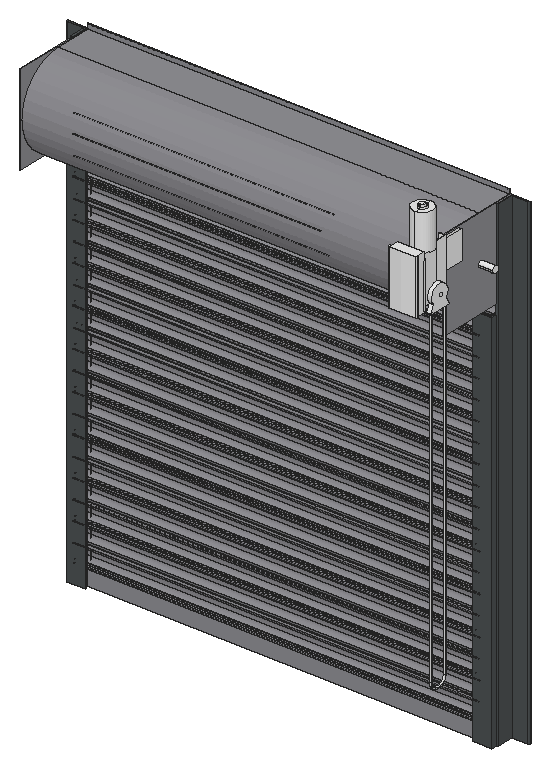
Revit family "EverGuard-Tornado-Resistant-Shelter-Door_OHD_Model-610F_compact", category Specialty Equipment, host Wall, Revit 2023
Family settings
  Host = Wall
  Round Connector Dimension = Use Diameter
  Part Type = Normal
  OmniClass Number = 23.30.10.21.34
  OmniClass Title = Industrial Doors
  Enable Cutting in Views = No
  Always vertical = Yes
  Cut with Voids When Loaded = Yes
  Maintain Annotation Orientation = No
  Shared = No
  Room Calculation Point = No
Parameters (values of type "115 volts, one phase, 60 Hz (110-120V range)")
  Warning Sign [instance] = if(Calculated Area > 683.00 SF, 1 = 1, 1 = 2)  # no
  Warning (Note) [instance] = if(Warning Sign, "The Door Area is out of the limit; please adjust accordingly. The maximum allowed area is 683 sq. ft.", if(Opening Height > 360", "Headroom Clearance Dimensions - out of the limits. Consult Factory", " "))  # " "
  Wall Thickness [instance] = 6"
  Voltage = 115 V
  Version = "1.00.01"  # constant formula
  True Opening Width [instance] = Clear Width  # 120"
  True Opening Height [instance] = Clear Height  # 120"
  Slat Type [instance] = "C-600"  # constant formula
  Slat Material [instance] = Steel - Overhead Door - Gray
  Slat Length [instance] = Clear Width + G Value * 2 - 1" / 2 * 2  # 131"
  Slat Height [instance] = 17 251/256"  # constant formula
  Slat [instance] = 1  # constant formula
  Product Page URL = "https://www.overheaddoor.com/commercial/commercial-details/Rolling-Steel-Shelter-Door-Model-610F"
  Power Factor = 1
  Powder Coat (Note) = "PowderGuard® Premium powder coat finish options are available in approximately 200 colors as well as custom matching to specification. PowderGuard® Textured finish, a thicker, more scratch resistant coat, is available in 11 colors providing enhanced scratch resistance as well as aiding in hiding the dirt and blemishes that often occur in commercial environments.​"  # constant formula
  Opening Width Real [instance] = if(Opening Width > Max Opening Width, Max Opening Width, if(Opening Width < Min Opening Width, Min Opening Width, Opening Width))  # 120"
  Opening Width [instance] = 120"
  Opening Height Real [instance] = if(Opening Height > Max Opening Height, Max Opening Height, if(Opening Height < Min Opening Height, Min Opening Height, Opening Height))  # 120"
  Opening Height [instance] = 120"
  One Array element [instance] = not(Array Vis)  # no
  Number of Poles = 1
  Motor Type [instance] = if(Motor Option < 2, "RHX Front of Hood", if(Motor Option = 2, "RHX Top of Hood", if(Motor Option = 3, "RHX Wall Mount", "RHX Bench Mount")))  # "RHX Front of Hood"
  Motor Selection (Note) [instance] = "Generic operator shown. Contact Overhead Door when dimensions are critical. "  # constant formula
  Motor Position [instance] = M Value - G Value  # 6"
  Motor Option Real [instance] = if(Motor Option < 1, 1, if(Motor Option > 4, 4, Motor Option))  # 1
  Motor Option [instance] = 1
  Min Opening Width [instance] = 60"  # constant formula
  Min Opening Height [instance] = 60"  # constant formula
  Max Opening Width [instance] = 192"  # constant formula
  Max Opening Height [instance] = 192"  # constant formula
  M Value [instance] = if(Guide Option < 2, 12", 6 1/2")  # 12"
  Lookup BD [instance] = if(True Opening Height = 60", 20", if(or(True Opening Height = 84", True Opening Height < 84"), 22", if(or(True Opening Height = 108", True Opening Height < 108"), 24", if(or(True Opening Height = 132", True Opening Height < 132"), 26", if(or(True Opening Height = 156", True Opening Height < 156"), 28", if(or(True Opening Height = 180", True Opening Height < 180"), 30", 32"))))))  # 26"
  Jambs Offset [instance] = 0"  # constant formula
  Installation Real [instance] = Wall Thickness  # 6"
  Hood Type [instance] = "Round Hood"  # constant formula
  Hood Offset [instance] = 3"  # constant formula
  Hood Material [instance] = Metal - Overhead Door - Gray
  Hood Height [instance] = Headroom Height Real - Hood Offset  # 28"
  Lookup HH [instance] = if(True Opening Height = 60", 22", if(or(True Opening Height = 84", True Opening Height < 84"), 24", if(or(True Opening Height = 108", True Opening Height < 108"), 26", if(or(True Opening Height = 132", True Opening Height < 132"), 28", if(or(True Opening Height = 156", True Opening Height < 156"), 30", if(or(True Opening Height = 180", True Opening Height < 180"), 32", 34"))))))  # 28"
  Headroom Height Real [instance] = Lookup HH + 3"  # 31"
  Headroom Height [instance] = Headroom Height Real + 1 1/2"  # 32 1/2"
  Guide Type [instance] = if(Guide Option < 2, "Angled Z Guide", "Angled E Guide")  # "Angled Z Guide"
  Guide Option [instance] = 1
  Guid Depth [instance] = D Value  # 7 3/4"
  G Value [instance] = 6"  # constant formula
  Frequency = 60 Hz
  Face of Wall Offset [instance] = 5"  # constant formula
  Face Of Wall Mounting [instance] = 1 = 1  # yes
  Door Width True [instance] = Clear Width + M Value * 2  # 144"
  Door Width (Real) [instance] = Clear Width + 1" / 2  # 120 1/2"
  Door Height True [instance] = Clear Width + Headroom Height  # 152 1/2"
  Door Height (Real) [instance] = Clear Height + Hood Offset  # 123"
  URL = "https://www.overheaddoor.com/"
  Product data url = "https://www.bimobject.com/overhead-door/product/everguard-tornado-resistant-shelter-door-610f"
  Product Guid = "e742ef47-63a3-49ae-9504-172fde368359"
  Model = "610F"  # constant formula
  Manufacturer = "Overhead Door Corporation"  # constant formula
  Wall Closure = By host
  Floor To (CL) of Shaft [instance] = Clear Height + Hood Height / 2 + Hood Offset  # 137"
  Finish Material = Finish - Overhead Door - Black
  Description = "EverGuard Model 610F Rolling Steel Storm Shelter Door Tested +/-300PSF (ICC-500/FEMA 361), Tornado +/- 250PSF (ICC-500/FEMA 361), Hurricane+/-200PSF (ICC-500/FEMA 361)"  # constant formula
  Default Elevation = 0"
  Date Updated = "2026/05/29"  # constant formula
  D Value [instance] = 7 3/4"  # constant formula
  Clear Width [instance] = Opening Width Real  # 120"
  Clear Height [instance] = Opening Height Real  # 120"
  Current = 20 A
  Connector Array Distance = 0"  # constant formula
  BimObject_Variable_Connectors = "No"  # constant formula
  Bar [instance] = 1 = 1  # yes
  Backroom Depth [instance] = Lookup BD  # 26"
  BJ Opening Cut [instance] = 0"  # constant formula
  BJ Displacement Real [instance] = 0"  # constant formula
  Array Vis [instance] = if(Array < 2, 1 = 2, 1 = 1)  # yes
  Array Real [instance] = if(Array < 2, 2, Array)  # 7
  Array Length [instance] = (Array) * Slat Height  # 125 221/256"
  Array [instance] = rounddown(([Door Height (Real)] - 5 11/256") / Slat Height) + 1  # 7
  Calculated Area [instance] = [Door Width (Real)] * [Door Height (Real)]  # 102.927 SF
  Apparent Load Phase 3 = if(Number of Poles = 1, 0 VA, (Voltage * Current * sqrt(3)) / 3)  # 0 VA
  Apparent Load Phase 2 = if(Number of Poles = 1, 0 VA, (Voltage * Current * sqrt(3)) / 3)  # 0 VA
  Apparent Load Phase 1 = if(Number of Poles = 1, Voltage * Current, (Voltage * Current * sqrt(3)) / 3)  # 2300 VA
Reference planes (in)
  plane 1 "Center (Front/Back)": y = -14.625
  plane 2 "Center (Left/Right)": x = 0
  plane 3 "Left": x = -60
  plane 4 "Right": x = 60
  plane 5 "Exterior": y = -8.625
  plane 6 "Interior": y = -14.625
  plane 7: x = 72
  plane 8: x = -72
  plane 9: z = 120
  plane 10 "Main": y = -21.73437
  plane 11 "Backroom Depth": y = -32.125
  plane 12 "Main Door Block": y = -6.125
  plane 13 "Bottom Bar": z = 5.04124
  plane 14: y = -22.375
  plane 15: z = 130.90452
  plane 16: z = 151
  plane 17: z = 123
  plane 18: z = 152.5
  plane 19: z = 0
  plane 20: z = 60
  plane 21: y = -20.90625
  plane 22: y = 18.375
  plane 23: y = -41.625
  plane 24 "Headroom Top": z = 152.5
  plane 25: z = 137
  plane 26: x = 66
  plane 27: x = -66
  plane 28: z = 112.92405
Forms (in)
  Extrusion 1, void
    sketch origin (0, -6.125, 0) x (0, 0, -1) y (-1, 0, 0)
      loop
        line (-120, 60) -> (-120, -60) -> (0, -60) -> (0, 60) -> (-120, 60)
    from -8.5 to -2.5
  Extrusion 2, solid, material "Metal - Overhead Door - Gray" <- "Hood Material", visible <- "Bar"
    sketch origin (0, 0, 0) x (0, 1, 0) y (0, 0, 1)
      loop
        line (-14.875, 151) -> (-14.625, 151) -> (-14.625, 152.5) -> (-14.875, 152.5) -> (-14.875, 151)
    from -65.625 to 65.625
Lines and regions (in)
  symbolic lines, visible <- "Bar"
    curve 1: line (65.625, -14.625, 0) -> (-65.625, -14.625, 0)
    curve 2: line (-65.625, -14.875, 0) -> (65.625, -14.875, 0)
Text (in)
  text "Exterior" at (-74.96733, 27.31104, 0), in view "Ref. Level"
  text "Interior" at (-74.96733, -25.14366, 0), in view "Ref. Level"
  text "Exterior" at (0, 40.15149, 123.01588), in view "Right"
  text "Interior" at (0, -64.39139, 123.01588), in view "Right"
  text "Interior" at (0, -31.01599, 123.00693), in view "Left"
  text "Exterior" at (0, 54.57065, 123.00693), in view "Left"
Dimensions and locks (in)
  equal spacing: plane 3 "Left", plane 2 "Center (Left/Right)", plane 4 "Right"
  "Clear Width": plane 3 "Left" to plane 4 "Right"
  level to host wall = 459.59655"
  "Clear Height": level to plane 9
  plane 7 to plane 8 = 144"
  equal spacing: plane 7, plane 2 "Center (Left/Right)", plane 8
  locked: plane 13 "Bottom Bar" to level at 5.04124
  "Door Width True": plane 7 to plane 8
  locked: plane 14 to plane 10 "Main" at 0.64063
  "Array Length": plane 15 to plane 13 "Bottom Bar"
  "Backroom Depth": plane 11 "Backroom Depth" to plane 12 "Main Door Block"
  "Hood Height": plane 16 to plane 17
  locked: plane 18 to plane 16 at 1.5
  locked: Extrusion 2 sketch curve to Extrusion 2 sketch curve at 0.25
  "Installation Real": plane 1 "Center (Front/Back)" to plane 5 "Exterior"
  "Wall Thickness": host wall to host wall
  equal spacing: plane 9, plane 20, plane 19
  locked: plane 10 "Main" to plane 21 at 0.82812
  equal spacing: plane 22, host wall, plane 23
  locked: plane 22 to plane 23 at 60
  "BJ Opening Cut": Extrusion 1 sketch curve to plane 9
  locked: Extrusion 2 sketch curve to Extrusion 2 sketch curve at 1.5
  "Hood Offset": plane 17 to plane 9
  "Headroom Height": plane 24 "Headroom Top" to plane 9
  "Floor To (CL) of Shaft": plane 25 to level
  "Jambs Offset": plane 4 "Right" to Extrusion 1 sketch curve
  "Jambs Offset": Extrusion 1 sketch curve to plane 3 "Left"
  "Motor Position": plane 7 to plane 26
  "Motor Position": plane 27 to plane 8
  locked: plane 27 to Extrusion 2 at 0.375
  locked: Extrusion 2 to plane 26 at 0.375
  "Guid Depth": plane 14 to plane 1 "Center (Front/Back)"
  "Slat Height": plane 15 to plane 28
  equal spacing: group 1, group 3, group 4, group 5, group 6, group 7, group 2  (x3)
  aligned and locked: plane 5 "Exterior" to host wall
  aligned and locked: host wall to plane 6 "Interior"
  aligned and locked: level to Extrusion 1 sketch curve
  aligned and locked: Extrusion 1 to plane 5 "Exterior"
  aligned and locked: plane 6 "Interior" to Extrusion 1
  aligned and locked: nested 1 to plane 2 "Center (Left/Right)"
  aligned and locked: plane 16 to nested 2
  aligned and locked: nested 1 to level
  aligned and locked: Extrusion 2 sketch curve to plane 18
  aligned and locked: Extrusion 2 sketch curve to plane 6 "Interior"
  aligned and locked: curve 1 to Extrusion 2  (x2)
  aligned and locked: curve 2 to Extrusion 2  (x2)
  aligned and locked: Extrusion 2 to curve 2
  aligned and locked: nested 2 to plane 5 "Exterior"
  aligned and locked: level to plane 19
  aligned and locked: nested 1 to plane 1 "Center (Front/Back)"
  aligned and locked: plane 2 "Center (Left/Right)" to nested 3
  aligned and locked: nested 3 to plane 22
  aligned and locked: plane 23 to nested 4
  aligned and locked: nested 4 to plane 2 "Center (Left/Right)"
  aligned and locked: nested 5 to plane 20
  aligned and locked: plane 2 "Center (Left/Right)" to nested 5
  aligned and locked: nested 2 to plane 26
  aligned and locked: plane 13 "Bottom Bar" to nested 6
  aligned and locked: plane 28 to nested 8
  aligned and locked: nested 8 to plane 21
  aligned and locked: plane 21 to nested 6
  aligned and locked: plane 13 "Bottom Bar" to nested 7
  aligned and locked: plane 21 to nested 7
  aligned and locked: nested 5 to plane 21
Automatic sketch dimensions
  curve 1 to curve 2 = 0"
Nested families (in)
  nested 1: "Lifts" at (0, -14.625, 0), type "Frame Unit"
    with Round Hood yes
  nested 2: "Motor" at (64.56, -48.505, 135.25), type "Trolley Motor"
    with Wall Mount RSX no, Horizontal Mount 7.88", Vertical Mount 15 3/4", Motor Option 1, Hood Width Real 26", Hood Mount 0.37", Face+Top yes, Face Mount RSX yes, Face + Top + Bench yes
  nested 3: "Label Annotation 1" at (0, 18.375, 0), visible <- "Warning Sign", type "Label Annotation 1"
  nested 4: "Label Annotation 1" at (0, -41.625, 0) x (-1, 0, 0) z (0, 0, 1), visible <- "Warning Sign", type "Label Annotation 1"
  nested 5: "Warning Sign" at (0, -20.90625, 60), visible <- "Warning Sign", type "Warning Sign"
    with Warning Sign no
  nested 6: "610F" at (0, -20.90625, 5.04124), Opening Width <- "Slat Length", visible <- "Array Vis", type "Standard - Gray"
    with Slat Width 1.438", Slat Position 17.979", Opening Width 131"
  nested 7: "610F" at (0, -20.90625, 5.04124), visible <- "One Array element", Opening Width <- "Slat Length", type "Standard - Gray"
    with Slat Width 1.438", Slat Position 17.979", Opening Width 131"
  nested 8: "610F" at (0, -20.90625, 112.92405), Opening Width <- "Slat Length", visible <- "Array Vis", type "Standard - Gray"
    with Slat Width 1.438", Slat Position 17.979", Opening Width 131"
  nested 9: "610F" at (0, -20.90625, 23.02171), Opening Width <- "Slat Length", visible <- "Array Vis", type "Standard - Gray"
    with Slat Width 1.438", Slat Position 17.979", Opening Width 131"
  nested 10: "610F" at (0, -20.90625, 41.00218), Opening Width <- "Slat Length", visible <- "Array Vis", type "Standard - Gray"
    with Slat Width 1.438", Slat Position 17.979", Opening Width 131"
  nested 11: "610F" at (0, -20.90625, 58.98265), Opening Width <- "Slat Length", visible <- "Array Vis", type "Standard - Gray"
    with Slat Width 1.438", Slat Position 17.979", Opening Width 131"
  nested 12: "610F" at (0, -20.90625, 76.96311), Opening Width <- "Slat Length", visible <- "Array Vis", type "Standard - Gray"
    with Slat Width 1.438", Slat Position 17.979", Opening Width 131"
  nested 13: "610F" at (0, -20.90625, 94.94358), Opening Width <- "Slat Length", visible <- "Array Vis", type "Standard - Gray"
    with Slat Width 1.438", Slat Position 17.979", Opening Width 131"
Connectors (in)
  electrical at (67.548, -46.92906, 143.05), driven by "Apparent Load Phase 1", driven by "Power Factor", driven by "Voltage", driven by "Apparent Load Phase 2", driven by "Apparent Load Phase 3", driven by "Number of Poles"
    settings: on nested 2, index 1, voltage 115 V, apparent load 0 VA, apparent load phase1 2300 VA, apparent load phase2 0 VA, apparent load phase3 0 VA, power factor 1, load classification "Other", number of poles 1, system type 31, power factor state 1, is connector primary yes, connector utility no, sub classification motor no, connector description "Electrical Connector"
Definition of nested family "Lifts"
  Parameters (values of type "Frame Unit")
    Void Height = if(Guide Option < 2, 0", Headroom Height Real)  # 0"
    True Width = Opening Width + 1/2"  # 120 1/2"
    Rounding 2 = Guide Thickness 2 - 0.031"  # 0.469"
    Rounding 1 = Guide Thickness 1 - 0.031"  # 0.344"
    Round Hood [instance] = 1 = 1  # yes
    Rough Width = 0"
    Rough Height = 0"
    Main Bracket Profile Height = 5" + 1 3/4"  # 6 3/4"
    M Value = 13"
    Inner Profile Height = 4"  # constant formula
    Hood Offset = 3"
    Hood Height = Headroom Height Real - Hood Offset  # 28"
    Headroom Height Real = Headroom Height  # 31"
    Half Hood Height = Headroom Height - Hood Offset  # 28"
    Guide Thickness 2 = 1/2"  # constant formula
    Guide Thickness 1 = 3/8"  # constant formula
    G Value = 6"
    E Guide Width = if(Guide Option < 2, 6", 6")  # 6"
    E Guide Height = 6"  # constant formula
    Z Guide = if(Guide Option < 2, 1 = 1, 1 = 2)  # yes
    Slat Material = none
    Shaft Offset = (Header Width - (Header Width - Hood Height)) / 2  # 14"
    Shaft Material = none
    Shaft Length 2 = G Value + 4 3/4"  # 10 3/4"
    Shaft Length 1 = G Value + 4 3/4"  # 10 3/4"
    Setback = 1/4"  # constant formula
    Radius Hood = Shaft Offset  # 14"
    Opening Width = 120"
    Hood Material = none
    Headroom Height = 31"
    Header Width = 26"
    Opening Height = 120"
    Guide Type = if(Guide Option = 1, "Angled Z Guide", "Angled E Guide")  # "Angled Z Guide"
    Guide Option = 1
    Guide Offset = BJ Displacement + G Value  # 6"
    Guide Z Wide = if(Guide Option < 2, M Value - G Value, 6")  # 7"
    Guide Z Height = 6"  # constant formula
    Floor To (CL) of Shaft = 137"
    Finish Material = none
    Face to Wall Mount = not(Between Jambs)  # yes
    E Guide = not(Z Guide)  # no
    Default Elevation = 0"
    D Value = 7 3/4"
    Between Jambs = 1 = 2  # no
    BJ Position = 0"  # constant formula
    BJ Displacement = if(Guide Option < 2, 0", Guide Thickness 2)  # 0"
    BJ Connection Length = 1 / 3 * BJ Displacement  # 0"
    Angled Guide = 1 = 1  # yes
  Reference planes (in)
    plane 1 "Center (Front/Back)": y = 0
    plane 2: z = 0
    plane 3 "Center (Left/Right)": x = 0
    plane 4 "Opening Height": z = 120
    plane 5: x = -70.75
    plane 6: x = 70.75
    plane 7: z = 151
    plane 8: y = 26
    plane 9 "Real Opening 2": x = -60
    plane 10 "Real Opening 1": x = 60
    plane 11: z = 123
    plane 12 "Main": y = 0
    plane 13: z = 137
    plane 14: y = 12
    plane 15: x = 66
    plane 16: x = -66
    plane 17: x = -66
    plane 18: x = 66
    plane 19: y = 7.75
    plane 20: x = -65.625
    plane 21: x = 65.625
    plane 22: z = 152.5
    plane 23: y = 7.75
    plane 24: y = 5.75
    plane 25: y = 7.75
    plane 26: y = 5.75
  Forms (in)
    Extrusion 1, solid, material <- "Slat Material"
      sketch origin (0, 0, 0) x (0, 1, 0) y (0, 0, 1)
        loop
          line (6.25, 4.72874) -> (6.25, 5.35374) -> (5.25, 5.35374) -> (5.25, 4.72874) -> (6.25, 4.72874)
      from -65.625 to 65.625
    Extrusion 2, solid, material <- "Slat Material"
      sketch origin (0, 0, 0) x (0, 1, 0) y (0, 0, 1)
        loop
          line (6.25, 4.72874) -> (5.25, 4.72874) -> (5.25, 0) -> (6.25, 0) -> (6.25, 4.72874)
      from -65.625 to 65.625
    Extrusion 3, solid, material <- "Shaft Material"
      sketch origin (0, -5.35201, 0) x (0, 1, 0) y (0, 0, 1)
        loop
          circle (17.35201, 137) r 1
      from -70.75 to 70.75
    Extrusion 4, solid, material <- "Hood Material", visible <- "Round Hood"
      sketch origin (0, 0, 0) x (0, 1, 0) y (0, 0, 1)
        loop
          line (0, 151) -> (0, 123) -> (12, 123)
          arc (12, 123) -> (26, 137) -> (12, 151) r 14
          line (12, 151) -> (0, 151)
      from -65.625 to 65.625
    Extrusion 5, solid, material <- "Finish Material", visible <- "E Guide"
      sketch origin (0, 0, 0) x (1, 0, 0) y (0, 1, 0)
        loop
          line (60, 0) -> (66, 0) -> (66, 6) -> (65.969, 6)
          arc (65.969, 6) -> (65.63737, 5.86263) -> (65.5, 5.531) r 0.469
          line (65.5, 5.531) -> (65.5, 0.5) -> (60.469, 0.5)
          arc (60.469, 0.5) -> (60.13737, 0.36263) -> (60, 0.031) r 0.469
          line (60, 0.031) -> (60, 0)
        loop
          line (-60, 0) -> (-60, 0.031)
          arc (-60, 0.031) -> (-60.13737, 0.36263) -> (-60.469, 0.5) r 0.469
          line (-60.469, 0.5) -> (-65.5, 0.5) -> (-65.5, 5.531)
          arc (-65.5, 5.531) -> (-65.63737, 5.86263) -> (-65.969, 6) r 0.469
          line (-65.969, 6) -> (-66, 6) -> (-66, 0) -> (-60, 0)
      from 0 to 151
    Extrusion 6, solid, material <- "Finish Material", visible <- "Z Guide"
      sketch origin (0, 0, 0) x (1, 0, 0) y (0, 1, 0)
        loop
          line (73, 0) -> (73, 0.031)
          arc (73, 0.031) -> (72.86263, 0.36263) -> (72.531, 0.5) r 0.469
          line (72.531, 0.5) -> (66.5, 0.5) -> (66.5, 5.531)
          arc (66.5, 5.531) -> (66.36263, 5.86263) -> (66.031, 6) r 0.469
          line (66.031, 6) -> (66, 6) -> (66, 0) -> (73, 0)
        loop
          line (-73, 0) -> (-66, 0) -> (-66, 6) -> (-66.031, 6)
          arc (-66.031, 6) -> (-66.36263, 5.86263) -> (-66.5, 5.531) r 0.469
          line (-66.5, 5.531) -> (-66.5, 0.5) -> (-72.531, 0.5)
          arc (-72.531, 0.5) -> (-72.86263, 0.36263) -> (-73, 0.031) r 0.469
          line (-73, 0.031) -> (-73, 0)
      from 0 to 151
    Extrusion 7, solid, material <- "Finish Material", visible <- "Angled Guide"
      sketch origin (0, 0, 0) x (1, 0, 0) y (0, 1, 0)
        loop
          line (60.25, 7.75) -> (60.25, 7.719)
          arc (60.25, 7.719) -> (60.35076, 7.47576) -> (60.594, 7.375) r 0.344
          line (60.594, 7.375) -> (60.75, 7.375) -> (60.75, 6.625) -> (62.25, 6.625) -> (62.25, 7.375) -> (65.625, 7.375) -> (65.625, 4.125) -> (62.75, 4.125) -> (62.75, 4.875) -> (60.75, 4.875) -> (60.75, 4.094)
          arc (60.75, 4.094) -> (60.85076, 3.85076) -> (61.094, 3.75) r 0.344
          line (61.094, 3.75) -> (65.25, 3.75) -> (65.25, 1) -> (66, 1) -> (66, 7.75) -> (60.25, 7.75)
        loop
          line (-60.25, 7.75) -> (-66, 7.75) -> (-66, 1) -> (-65.25, 1) -> (-65.25, 3.75) -> (-61.094, 3.75)
          arc (-61.094, 3.75) -> (-60.85076, 3.85076) -> (-60.75, 4.094) r 0.344
          line (-60.75, 4.094) -> (-60.75, 4.875) -> (-62.75, 4.875) -> (-62.75, 4.125) -> (-65.625, 4.125) -> (-65.625, 7.375) -> (-62.25, 7.375) -> (-62.25, 6.625) -> (-60.75, 6.625) -> (-60.75, 7.375) -> (-60.594, 7.375)
          arc (-60.594, 7.375) -> (-60.35076, 7.47576) -> (-60.25, 7.719) r 0.344
          line (-60.25, 7.719) -> (-60.25, 7.75)
      from 0 to 120
    Extrusion 8, solid, material <- "Hood Material"
      sketch origin (0, 0, 0) x (-1, 0, 0) y (0, 0, 1)
        loop
          line (65.625, 123) -> (66, 123) -> (66, 151) -> (65.625, 151) -> (65.625, 123)
        loop
          line (-66, 123) -> (-65.625, 123) -> (-65.625, 151) -> (-66, 151) -> (-66, 123)
      from 0 to 26
    Extrusion 9, void
      sketch origin (0, -63.05955, 151) x (1, 0, 0) y (0, -1, 0)
        loop
          line (-66, -63.05955) -> (-66, -63.55955) -> (-60.469, -63.55955)
          arc (-60.469, -63.55955) -> (-60.13737, -63.42218) -> (-60, -63.09055) r 0.469
          line (-60, -63.09055) -> (-60, -63.05955) -> (-66, -63.05955)
        loop
          line (66, -63.05955) -> (60, -63.05955) -> (60, -63.09055)
          arc (60, -63.09055) -> (60.13737, -63.42218) -> (60.469, -63.55955) r 0.469
          line (60.469, -63.55955) -> (66, -63.55955) -> (66, -63.05955)
      from 0 <- "Void Height" to -1.5
  Cuts and joins
    Extrusion 9 cuts Extrusion 4
    Extrusion 9 cuts Extrusion 8
  Lines and regions (in)
    Masking region 1
      outline origin (0, 0, 0) x (1, 0, 0) y (0, 1, 0)
        loop
          line (70.75, 13) -> (66, 13) -> (66, 11) -> (70.75, 11) -> (70.75, 13)
        loop
          line (-70.75, 11) -> (-66, 11) -> (-66, 13) -> (-70.75, 13) -> (-70.75, 11)
    Masking region 2
      outline origin (0, 0, 0) x (1, 0, 0) y (0, 1, 0)
        loop
          line (-66, 26) -> (-66, 0) -> (66, 0) -> (66, 26) -> (-66, 26)
    Masking region 3, visible <- "Z Guide"
      outline origin (0, 0, 0) x (1, 0, 0) y (0, 1, 0)
        loop
          line (72.531, 0.5) -> (66.5, 0.5) -> (66.5, 5.531)
          arc (66.5, 5.531) -> (66.36263, 5.86263) -> (66.031, 6) r 0.469
          line (66.031, 6) -> (66, 6) -> (66, 0) -> (73, 0) -> (73, 0.031)
          arc (73, 0.031) -> (72.86263, 0.36263) -> (72.531, 0.5) r 0.469
        loop
          line (-66.5, 0.5) -> (-72.531, 0.5)
          arc (-72.531, 0.5) -> (-72.86263, 0.36263) -> (-73, 0.031) r 0.469
          line (-73, 0.031) -> (-73, 0) -> (-66, 0) -> (-66, 6) -> (-66.031, 6)
          arc (-66.031, 6) -> (-66.36263, 5.86263) -> (-66.5, 5.531) r 0.469
          line (-66.5, 5.531) -> (-66.5, 0.5)
    Masking region 4, visible <- "E Guide"
      outline origin (0, 0, 0) x (1, 0, 0) y (0, 1, 0)
        loop
          line (-66, 6) -> (-66, 0) -> (-60, 0) -> (-60, 0.031)
          arc (-60, 0.031) -> (-60.13737, 0.36263) -> (-60.469, 0.5) r 0.469
          line (-60.469, 0.5) -> (-65.5, 0.5) -> (-65.5, 5.531)
          arc (-65.5, 5.531) -> (-65.63737, 5.86263) -> (-65.969, 6) r 0.469
          line (-65.969, 6) -> (-66, 6)
        loop
          line (66, 0) -> (66, 6) -> (65.969, 6)
          arc (65.969, 6) -> (65.63737, 5.86263) -> (65.5, 5.531) r 0.469
          line (65.5, 5.531) -> (65.5, 0.5) -> (60.469, 0.5)
          arc (60.469, 0.5) -> (60.13737, 0.36263) -> (60, 0.031) r 0.469
          line (60, 0.031) -> (60, 0) -> (66, 0)
    symbolic lines
      curve 1: line (-65.625, 0, 0) -> (-65.625, 26, 0)
      curve 2: line (65.625, 26, 0) -> (65.625, 0, 0)
  Dimensions and locks (in)
    locked: Extrusion 1 sketch curve to level at 4.72874
    locked: Extrusion 1 sketch curve to Extrusion 1 sketch curve at 1
    Extrusion 2 sketch curve to level = 4.72874"
    "Headroom Height Real": plane 7 to plane 4 "Opening Height"
    plane 8 to plane 1 "Center (Front/Back)" = 26"
    "Radius Hood": Extrusion 4 sketch curve to plane 8
    "Opening Height": plane 4 "Opening Height" to level
    "Hood Offset": plane 11 to plane 4 "Opening Height"
    "BJ Position": plane 12 "Main" to plane 1 "Center (Front/Back)"
    "Header Width": plane 12 "Main" to plane 8
    "Floor To (CL) of Shaft": plane 13 to level
    "Shaft Offset": Extrusion 3 sketch curve to plane 8
    locked: Extrusion 2 sketch curve to Extrusion 2 sketch curve at 1
    "Shaft Offset": plane 8 to plane 14
    locked: Masking region 1 sketch curve to Masking region 1 sketch curve at 2
    locked: Masking region 1 sketch curve to plane 14 at 1
    "Guide Offset": plane 10 "Real Opening 1" to plane 15
    "Guide Offset": plane 16 to plane 9 "Real Opening 2"
    "Guide Thickness 2": Extrusion 5 sketch curve to Extrusion 5 sketch curve  (x4)
    "E Guide Height": Extrusion 5 sketch curve to Extrusion 5 sketch curve  (x2)
    "E Guide Width": Extrusion 5 sketch curve to Extrusion 5 sketch curve  (x2)
    "Guide Thickness 2": Extrusion 6 sketch curve to Extrusion 6 sketch curve  (x4)
    "Guide Z Wide": Extrusion 6 sketch curve to Extrusion 6 sketch curve  (x2)
    "Guide Z Height": Extrusion 6 sketch curve to Extrusion 6 sketch curve  (x2)
    "Guide Thickness 1": Extrusion 7 sketch curve to Extrusion 7 sketch curve  (x8)
    "Inner Profile Height": Extrusion 7 sketch curve to Extrusion 7 sketch curve  (x2)
    "Main Bracket Profile Height": Extrusion 7 sketch curve to Extrusion 7 sketch curve  (x2)
    "Setback": plane 10 "Real Opening 1" to Extrusion 7 sketch curve
    "Setback": Extrusion 7 sketch curve to plane 9 "Real Opening 2"
    equal spacing: plane 16, plane 3 "Center (Left/Right)", plane 15
    "G Value": Extrusion 6 sketch curve to plane 9 "Real Opening 2"
    "G Value": plane 10 "Real Opening 1" to Extrusion 6 sketch curve
    "G Value": plane 10 "Real Opening 1" to plane 18
    "G Value": plane 17 to plane 9 "Real Opening 2"
    "Shaft Length 1": plane 5 to plane 9 "Real Opening 2"
    "Shaft Length 2": plane 6 to plane 10 "Real Opening 1"
    Extrusion 2 to plane 18 = 3/8"
    Extrusion 2 to plane 17 = 3/8"
    plane 17 to plane 20 = 3/8"
    locked: plane 21 to plane 18 at 0.375
    equal spacing: plane 9 "Real Opening 2", plane 3 "Center (Left/Right)", plane 10 "Real Opening 1"
    "Opening Width": plane 9 "Real Opening 2" to plane 10 "Real Opening 1"
    locked: plane 22 to plane 7 at 1.5
    "D Value": plane 1 "Center (Front/Back)" to plane 19
    "D Value": plane 23 to plane 1 "Center (Front/Back)"
    plane 23 to plane 24 = 2"
    equal spacing: Extrusion 1 sketch curve, plane 24, Extrusion 1 sketch curve
    "D Value": plane 25 to plane 1 "Center (Front/Back)"
    locked: plane 25 to plane 26 at 2
    equal spacing: Extrusion 2 sketch curve, plane 26, Extrusion 2 sketch curve
    "G Value": plane 10 "Real Opening 1" to Extrusion 7 sketch curve
    "G Value": Extrusion 7 sketch curve to plane 9 "Real Opening 2"
    "Guide Thickness 2": Extrusion 7 sketch curve to Extrusion 7 sketch curve  (x4)
    locked: Extrusion 7 sketch curve to Extrusion 7 sketch curve at 1.5  (x2)
    locked: Extrusion 7 sketch curve to Extrusion 7 sketch curve at 0.75  (x2)
    locked: Extrusion 1 sketch curve to Extrusion 1 sketch curve at 0.625
    "E Guide Width": Extrusion 9 sketch curve to Extrusion 9 sketch curve  (x2)
    "Guide Thickness 2": Extrusion 9 sketch curve to Extrusion 9 sketch curve  (x2)
    "Rounding 2": radius of Extrusion 5 sketch curve  (x4)
    "Rounding 2": radius of Extrusion 6 sketch curve  (x4)
    "Rounding 1": radius of Extrusion 7 sketch curve  (x4)
    "Rounding 2": radius of Extrusion 9 sketch curve  (x2)
    aligned and locked: plane 2 to level
    aligned and locked: plane 5 to Extrusion 3
    aligned and locked: Extrusion 3 to plane 6
    aligned and locked: Extrusion 4 sketch curve to plane 7
    aligned and locked: plane 13 to Extrusion 3 sketch curve
    aligned and locked: plane 5 to Masking region 1 sketch curve
    aligned and locked: plane 6 to Masking region 1 sketch curve
    aligned and locked: Masking region 1 sketch curve to Masking region 1 sketch curve  (x2)
    aligned and locked: plane 12 "Main" to Extrusion 5 sketch curve  (x2)
    aligned and locked: Extrusion 5 sketch curve to plane 15
    aligned and locked: plane 16 to Extrusion 5 sketch curve
    aligned and locked: Extrusion 6 sketch curve to plane 1 "Center (Front/Back)"  (x2)
    aligned and locked: plane 19 to Extrusion 7 sketch curve
    aligned and locked: Extrusion 7 sketch curve to plane 19
    aligned and locked: plane 4 "Opening Height" to Extrusion 7
    aligned and locked: Extrusion 4 sketch curve to plane 12 "Main"
    aligned and locked: Extrusion 8 sketch curve to plane 11
    aligned and locked: Extrusion 8 sketch curve to plane 7
    aligned and locked: plane 17 to Extrusion 8 sketch curve
    aligned and locked: Extrusion 8 sketch curve to plane 18
    aligned and locked: plane 7 to Extrusion 8 sketch curve
    aligned and locked: plane 11 to Extrusion 8 sketch curve
    aligned and locked: Masking region 2 to curve 2  (x2)
    aligned and locked: Masking region 2 to curve 1  (x2)
    aligned and locked: Masking region 3 sketch curve to Extrusion 6  (x10)
    aligned and locked: Extrusion 6 to Masking region 3 sketch curve
    aligned and locked: Masking region 4 sketch curve to Extrusion 5  (x10)
    aligned and locked: Extrusion 8 to curve 1
    aligned and locked: Extrusion 8 to curve 2
    aligned and locked: Masking region 2 to plane 17
    aligned and locked: Masking region 2 to plane 18
    aligned and locked: plane 18 to Masking region 1 sketch curve
    aligned and locked: Masking region 1 sketch curve to plane 17
    aligned and locked: plane 20 to Extrusion 8 sketch curve
    aligned and locked: plane 21 to Extrusion 8 sketch curve
    aligned and locked: Extrusion 4 to plane 20
    aligned and locked: Extrusion 4 to plane 21
    aligned and locked: plane 8 to Extrusion 8
    aligned and locked: Extrusion 6 to plane 7
    aligned and locked: Extrusion 5 to plane 7
    aligned and locked: Extrusion 4 sketch curve to plane 11
    aligned and locked: Extrusion 7 sketch curve to Extrusion 7 sketch curve  (x6)
    aligned and locked: plane 16 to Extrusion 9 sketch curve
    aligned and locked: Extrusion 9 sketch curve to plane 12 "Main"  (x2)
    aligned and locked: Extrusion 9 sketch curve to plane 15
    aligned and locked: Extrusion 9 to plane 22
    aligned and locked: plane 20 to Extrusion 1
    aligned and locked: plane 20 to Extrusion 2
    aligned and locked: Extrusion 2 to plane 21
    aligned and locked: Extrusion 1 to plane 21
  Automatic sketch dimensions
    Masking region 2 sketch curve to plane 1 "Center (Front/Back)" = 0"
    Masking region 2 sketch curve to plane 17 = 0"
    Masking region 2 sketch curve to plane 18 = 0"
    Masking region 2 sketch curve to plane 8 = 0"
    Extrusion 2 sketch curve to level = 0"
    radius of Extrusion 3 sketch curve = 1"
Definition of nested family "Motor"
  Parameters (values of type "Trolley Motor")
    Wall Mount RSX = if(Chain Hoist, 1 = 2, if(Motor Option = 3, 1 = 1, 1 = 2))  # yes
    Top Mount RSX = if(Chain Hoist, 1 = 2, if(Motor Option = 2, 1 = 1, 1 = 2))  # no
    Shaft Material = none
    Real Exterior Wall Offset = if(Wall Mount RSX, Displacement, Exterior Wall Offset + if(and(BJ, Bench Mount RSX, Hood Width < 19 1/2"), 2.6", 0"))  # 6"
    Not Chain Hoist = not(Chain Hoist)  # yes
    Main Box Start = if(Bench Mount RSX, -15.05", -16.45")  # -16.45"
    Main Box End = if(Bench Mount RSX, -0.55", -1.95")  # -1.95"
    Horizontal Mount = if(Face Mount RSX, 8" - 0.12", if(Top Mount RSX, 9 1/2", if(Wall Mount RSX, 7.38", if(Bench Mount RSX, 1.98" + 4", 0"))))  # 7.38"
    Vertical Mount = if(Face Mount RSX, 15 3/4", if(Top Mount RSX, 14.92" - 0.13" - 2.38" - 0.79", if(Wall Mount RSX, 20.03" + 6" + Hood Height / 2, if(Bench Mount RSX, Hood Height + Top Option Offset - 3.63" - 1/4", Hood Height))))  # 40.03"
    Motor Type = if(Motor Option < 2, "RHX Face Mount", if(Motor Option = 2, "RHX Top Mount", if(Motor Option = 3, "RHX Wall Mount", if(Motor Option = 4, "RHX Bench Mount", "Chain Hoist"))))  # "RHX Wall Mount"
    Motor Option = 3
    Main Material = none
    Hood Width Real = if(Wall Mount RSX, 0", if(Chain Hoist, if(Hood Height < Hood Width, (Hood Width + (Hood Width - Hood Height)) / 2, Hood Width / 2), Hood Width))  # 0"
    Hood Width = 26"
    Hood Height = 28"
    Hood Mount = if(or(Face Mount RSX, Top Mount RSX), 0.37", if(Wall Mount RSX, 11.62", if(Bench Mount RSX, 13" - 0.07", 4.26")))  # 11.62"
    Floor To Cl Shaft = 137"
    Top Option Offset = if(or(Top Mount RSX, Bench Mount RSX), 19 1/2", 0")  # 0"
    Face+Top = if(Chain Hoist, 1 = 2, if(or(Face Mount RSX, Top Mount RSX), 1 = 1, 1 = 2))  # no
    Face Mount RSX = if(Chain Hoist, 1 = 2, if(Motor Option < 2, 1 = 1, 1 = 2))  # no
    Face + Top + Wall = if(Chain Hoist, 1 = 2, if(or(Face Mount RSX, Top Mount RSX, Wall Mount RSX), 1 = 1, 1 = 2))  # yes
    Face + Top + Bench = if(Chain Hoist, 1 = 2, if(or(Face Mount RSX, Top Mount RSX, Bench Mount RSX), 1 = 1, 1 = 2))  # no
    Exterior Wall Offset = 6"
    Displacement = 6"
    Default Elevation = 48"
    Chain V Offset = if(or(Face Mount RSX, Wall Mount RSX), 3.63", if(or(Top Mount RSX, Bench Mount RSX), 18.3", Hood Height / 2))  # 3.63"
    Chain H Offset = if(or(Face Mount RSX, Wall Mount RSX), 1.19", if(Top Mount RSX, 3.6", if(Bench Mount RSX, 17" - 3.6", 0")))  # 1.19"
    Chain Hoist = 1 = 2  # no
    Bench Mount RSX = if(Chain Hoist, 1 = 2, if(Motor Option > 3, 1 = 1, 1 = 2))  # no
    Bench Angle = if(Bench Mount RSX, 270.00°, 90.00°)  # 90.00°
    BJ Displacement = 0"
    BJ = 1 = 2  # no
    Angle = if(or(Bench Mount RSX, Top Mount RSX), 90.00°, 180.00°)  # 180.00°
  Reference planes (in)
    plane 1 "Center (Front/Back)": y = 0
    plane 2: z = 0
    plane 3 "Center (Left/Right)": x = 0
    plane 4: y = 0
    plane 5: y = 1.19
    plane 6: z = -133.37
    plane 7: z = -103.37
    plane 8: z = 3.63
    plane 9 "Chain Hoist": z = 3.63
    plane 10 "Top Of Hood": z = 40.03
    plane 11: y = 7.38
    plane 12: z = 0
    plane 13 "Hood Face": x = -9.81
    plane 14: x = 1.81
    plane 15: y = 7.38
    plane 16 "Wall": y = 13.38
    plane 17: z = -0.6502
    plane 18: z = 12.03
    plane 19: z = 26.03
  Forms (in)
    Extrusion 1, solid, material <- "Main Material", visible <- "Not Chain Hoist"
      sketch origin (0, 0, 17) x (1, 0, 0) y (0, 1, 0)
        loop
          line (-4.134, -3.3458) -> (4.116, -3.3458) -> (4.116, -3.2262) -> (3.108, -3.2262)
          arc (3.108, -3.2262) -> (3.02315, -3.19105) -> (2.988, -3.1062) r 0.12
          line (2.988, -3.1062) -> (2.988, 6.25807) -> (-2.988, 6.25807) -> (-2.988, -3.1062)
          arc (-2.988, -3.1062) -> (-3.02315, -3.19105) -> (-3.108, -3.2262) r 0.12
          line (-3.108, -3.2262) -> (-4.134, -3.2262) -> (-4.134, -3.3458)
      from -16.45 <- "Main Box Start" to -1.95 <- "Main Box End"
    Extrusion 2, solid, material <- "Main Material", visible <- "Not Chain Hoist"
      sketch origin (0, 0, 17) x (1, 0, 0) y (0, 1, 0)
        loop
          line (-4.134, -3.3458) -> (-4.134, -5.98838) -> (-4.3324, -5.98838) -> (-4.3324, -6.24492)
          arc (-4.3324, -6.24492) -> (-4.24466, -6.48358) -> (-4.02324, -6.60858) r 0.36846
          arc (-4.02324, -6.60858) -> (0, -6.93443) -> (4.02324, -6.60858) r 25
          arc (4.02324, -6.60858) -> (4.24466, -6.48358) -> (4.3324, -6.24492) r 0.36846
          line (4.3324, -6.24492) -> (4.3324, -5.98838) -> (4.116, -5.98838) -> (4.116, -3.3458) -> (-4.134, -3.3458)
      from -17 to 0
    Extrusion 3, solid, material <- "Main Material"
      sketch origin (-2.9045, 0.00141, 3.59957) x (0, 0, 1) y (0, -1, 0)
        loop
          arc (-1.81556, -3.55341) -> (3.03043, -1.18859) -> (-1.81556, 1.17622) r 3
          line (-1.81556, 1.17622) -> (-3.99826, 2.43641) -> (-4.24977, 2.43641) -> (-4.24977, -4.81359) -> (-3.99826, -4.81359) -> (-1.81556, -3.55341)
      from 8.25 to 7
    Sweep 4, solid, material <- "Main Material"
      path origin (4.73025, 9.53, 48) x (0, 1, 0) y (0, 0, 1)
        loop
          line (-11.34, -48.6502) -> (-11.34, -151.37)
          arc (-11.34, -151.37) -> (-8.34, -154.37) -> (-5.34, -151.37) r 3
          line (-5.34, -151.37) -> (-5.34, -48.6502)
      profile origin (4.73025, -1.81, -52.0101) x (1, 0, 0) y (0, 1, 0)
        loop
          circle (0, 0.25) r 0.25
    Extrusion 5, solid, material <- "Main Material"
      sketch origin (0, 0.00141, 3.59957) x (0, 0, 1) y (0, -1, 0)
        loop
          circle (0.03043, -1.18859) r 0.4
      from 5.69 to -8.935
    Extrusion 6, solid, material <- "Main Material", visible <- "Face+Top"
      sketch origin (0, 0, 17) x (1, 0, 0) y (0, 1, 0)
        loop
          line (1.81, 6.37807) -> (1.81, 14.13) -> (1.69, 14.13) -> (1.69, 6.49807) -> (-2.988, 6.49807) -> (-2.988, 6.37807) -> (1.81, 6.37807)
      from -11 to -2
    Extrusion 7, solid, material <- "Main Material", visible <- "Face + Top + Bench"
      sketch origin (0.25, 0, 17) x (1, 0, 0) y (0, 1, 0)
        loop
          line (-3.358, 6.37807) -> (-3.358, 2.75807) -> (-3.238, 2.75807) -> (-3.238, 6.25807) -> (-1.238, 6.25807) -> (-1.238, 6.37807) -> (-3.358, 6.37807)
        loop
          line (2.858, 6.37807) -> (0.738, 6.37807) -> (0.738, 6.25807) -> (2.738, 6.25807) -> (2.738, 2.75807) -> (2.858, 2.75807) -> (2.858, 6.37807)
      from -16.45 to 0
    Extrusion 8, solid, material <- "Main Material", visible <- "Face+Top"
      sketch origin (0, 0, 0) x (0, 0, 1) y (0, -1, 0)
        loop
          line (15.5, -8.13) -> (6.5, -8.13) -> (6.5, -13.13) -> (15.5, -13.13) -> (15.5, -8.13)
      from 1.44 to 1.69
    Extrusion 9, solid, material <- "Main Material", visible <- "Bench Mount RSX"
      sketch origin (0, 0, 17) x (1, 0, 0) y (0, 1, 0)
        loop
          line (-10.878, 6.37807) -> (3.108, 6.37807) -> (3.108, 6.49807) -> (-11, 6.49807) -> (-11, -1.36693) -> (-10.878, -1.36693) -> (-10.878, 6.37807)
      from -15.02 to -0.55
    Extrusion 10, solid, material <- "Main Material", visible <- "Bench Mount RSX"
      sketch origin (0, 0, 0) x (0, 0, 1) y (0, -1, 0)
        loop
          line (1.98, 1.36693) -> (1.98, -3.63307) -> (10.98, -3.63307) -> (10.98, 1.36693) -> (1.98, 1.36693)
      from -11.12 to -11
    Revolve 11, solid, material <- "Main Material"
      sketch origin (0, 1.2242, 8.5) x (0, 1, 0) y (0, 0, 1)
        loop
          line (-3.22, 6.55) -> (0, 6.55) -> (0, 18.5) -> (-0.85, 18.5) -> (-0.85, 18.1) -> (-1.28, 18.1) -> (-1.28, 17.72) -> (-3.22, 17.72) -> (-3.22, 6.55)
        axis (0, 6.55) -> (0, 18.5)
      angle from 0 to 360
    Extrusion 12, solid, material <- "Main Material", visible <- "Wall Mount RSX"
      sketch origin (0, 0, 17) x (1, 0, 0) y (0, 1, 0)
        loop
          line (4.988, 6.38307) -> (2.988, 6.38307) -> (2.988, 7.38) -> (-2.988, 7.38) -> (-2.988, 6.38307) -> (-4.988, 6.38307) -> (-4.988, 6.25807) -> (4.988, 6.25807) -> (4.988, 6.38307)
      from -11.56 to 0
  Lines and regions (in)
    reference lines
      curve 1: line (0, 0, 0) -> (0, 0, 17)
      curve 2: line (0, 0, 17) -> (0, 1.2242, 17)
      curve 3: line (0, 1.2242, 17) -> (0, 1.2242, 8.5)
      curve 4: line (0, 1.2242, 8.5) -> (0, 2.2242, 8.5)
  Dimensions and locks (in)
    "Chain H Offset": plane 4 to plane 5
    locked: plane 7 to plane 6 at 30
    locked: Sweep 4 sketch curve to profile plane at 0
    locked: profile plane to Sweep 4 sketch curve at 0.25
    locked: Sweep 4 sketch curve to Sweep 4 sketch curve at 6
    "Floor To Cl Shaft": plane 8 to plane 6
    "Horizontal Mount": plane 1 "Center (Front/Back)" to plane 11
    locked: Extrusion 7 sketch curve to Extrusion 7 sketch curve at 3.62
    locked: Extrusion 7 sketch curve to Extrusion 7 sketch curve at 0.12  (x3)
    "Top Option Offset": level to plane 12
    "Chain V Offset": plane 9 "Chain Hoist" to plane 12
    equal spacing: Sweep 4 sketch curve, plane 5, Sweep 4 sketch curve
    "Vertical Mount": plane 10 "Top Of Hood" to plane 12
    locked: Extrusion 2 sketch curve to Extrusion 2 sketch curve at 8.25
    locked: Extrusion 2 sketch curve to Extrusion 2 sketch curve at 2.64258
    locked: plane 3 "Center (Left/Right)" to plane 14 at 1.81
    "Hood Mount": plane 13 "Hood Face" to plane 14
    locked: Extrusion 6 sketch curve to Extrusion 6 sketch curve at 0.12  (x2)
    locked: Extrusion 6 sketch curve to curve 1 at 6.37807
    "Hood Width Real": plane 11 to plane 15
    "Real Exterior Wall Offset": plane 15 to plane 16 "Wall"
    locked: Extrusion 6 sketch curve to Extrusion 6 sketch curve at 7.63193
    locked: Extrusion 1 sketch curve to Extrusion 1 sketch curve at 0.1196
    locked: Extrusion 1 sketch curve to Extrusion 1 sketch curve at 5.976
    equal spacing: Extrusion 1 sketch curve, curve 1, Extrusion 1 sketch curve
    locked: curve 1 to Extrusion 1 sketch curve at 3.3458
    locked: Extrusion 1 sketch curve to Extrusion 1 sketch curve at 9.60387
    locked: Extrusion 7 sketch curve to curve 1 at 2.75807
    locked: Extrusion 8 sketch curve to Extrusion 8 sketch curve at 5
    locked: Extrusion 8 sketch curve to Extrusion 8 sketch curve at 9
    locked: Extrusion 8 sketch curve to curve 1 at 13.13
    locked: Extrusion 8 sketch curve to curve 1 at 6.5
    locked: Extrusion 7 sketch curve to plane 3 "Center (Left/Right)" at 2.988
    locked: plane 3 "Center (Left/Right)" to Extrusion 7 sketch curve at 3.108
    locked: Extrusion 6 sketch curve to Extrusion 6 sketch curve at 4.798
    locked: curve 1 to Extrusion 6 sketch curve at 1.81
    locked: Extrusion 1 sketch curve to Extrusion 1 sketch curve at 1.128
    locked: Extrusion 1 sketch curve to Extrusion 1 sketch curve at 1.146
    locked: curve 1 to Extrusion 2 sketch curve at 3.3458
    locked: Extrusion 9 sketch curve to Extrusion 9 sketch curve at 0.122
    locked: Extrusion 9 sketch curve to Extrusion 9 sketch curve at 0.12
    locked: Extrusion 9 sketch curve to curve 1 at 10.878
    locked: Extrusion 9 sketch curve to curve 1 at 6.37807
    locked: Extrusion 9 sketch curve to Extrusion 9 sketch curve at 13.986
    Extrusion 9 sketch curve to Extrusion 9 sketch curve = 7.865"
    locked: Extrusion 10 sketch curve to Extrusion 10 sketch curve at 5
    locked: Extrusion 10 sketch curve to curve 1 at 1.36693
    locked: Extrusion 10 sketch curve to Extrusion 10 sketch curve at 9
    locked: Extrusion 10 sketch curve to curve 1 at 15.02
    locked: Extrusion 3 sketch curve to Extrusion 3 sketch curve at 4.2802
    locked: Extrusion 3 sketch curve to Extrusion 3 sketch curve at 7.25
    equal spacing: Extrusion 3 sketch curve, Extrusion 3 sketch curve, Extrusion 3 sketch curve
    locked: plane 8 to plane 17 at 4.2802
    Extrusion 1 sketch curve to Extrusion 5 = 2.702"
    "Hood Height": plane 10 "Top Of Hood" to plane 18
    equal spacing: plane 10 "Top Of Hood", plane 19, plane 18
    Revolve 11 sketch curve to Revolve 11 sketch curve to Revolve 11 sketch curve to Revolve 11 sketch curve = 0.85" locked, 0.43" locked, 1.94" locked
    Revolve 11 sketch curve to Revolve 11 sketch curve to Revolve 11 sketch curve to Revolve 11 sketch curve = 11.17" locked, 0.38" locked, 0.4" locked
    locked: Extrusion 12 sketch curve to Extrusion 12 sketch curve at 0.125
    locked: Extrusion 12 sketch curve to Extrusion 12 sketch curve at 2  (x2)
    locked: Extrusion 12 sketch curve to Extrusion 12 sketch curve at 5.976
    locked: Extrusion 12 sketch curve to Extrusion 12 sketch curve at 0.99693
    locked: curve 2 to curve 2 at 1.2242
    locked: curve 3 to curve 3 at 8.5
    locked: curve 4 to curve 4 at 1
    locked: Extrusion 12 sketch curve to curve 3 at 5.03387
    radius of Sweep 4 sketch curve = 3"
    radius of Sweep 4 sketch curve = 1/4"
    radius of Extrusion 5 sketch curve = 0.4"
    radius of Extrusion 2 sketch curve = 0.36846"  (x2)
    radius of Extrusion 1 sketch curve = 0.12"  (x2)
    radius of Extrusion 2 sketch curve = 25"
    radius of Extrusion 3 sketch curve = 3"
    "Angle": angle curve 1 to plane 1 "Center (Front/Back)"
    angle Extrusion 2 sketch curve to Extrusion 2 sketch curve = 90.00°
    locked: Extrusion 2 sketch curve to Extrusion 2 sketch curve (angle 90.00°)
    locked: Extrusion 3 sketch curve to Extrusion 3 sketch curve (angle 150.00°)  (x2)
    locked: curve 1 to curve 2 (angle 90.00°)
    locked: curve 2 to curve 3 (angle 90.00°)
    "Bench Angle": angle curve 4 to curve 3
    aligned and locked: plane 2 to level
    aligned and locked: plane 1 "Center (Front/Back)" to curve 1
    aligned and locked: level to curve 1
    aligned and locked: plane 1 "Center (Front/Back)" to plane 4
    aligned and locked: plane 7 to Sweep 4 sketch curve  (x2)
    aligned and locked: plane 5 to Extrusion 5 sketch curve
    aligned and locked: plane 9 "Chain Hoist" to Extrusion 5 sketch curve
    aligned and locked: plane 8 to plane 9 "Chain Hoist"
    aligned and locked: Extrusion 7 sketch curve to Extrusion 7 sketch curve  (x3)
    aligned and locked: Extrusion 2 sketch curve to Extrusion 2 sketch curve
    aligned and locked: Extrusion 1 sketch curve to Extrusion 1 sketch curve
    aligned and locked: plane 4 to nested 1
    aligned and locked: plane 3 "Center (Left/Right)" to nested 1
    aligned and locked: plane 9 "Chain Hoist" to Extrusion 3 sketch curve
    aligned and locked: plane 5 to Extrusion 3 sketch curve
    aligned and locked: plane 17 to Sweep 4 sketch curve  (x2)
    aligned and locked: Extrusion 12 sketch curve to Extrusion 12 sketch curve
    aligned and locked: curve 1 to curve 2
    aligned and locked: curve 2 to curve 1
    aligned and locked: curve 2 to curve 3
    aligned and locked: curve 3 to curve 2
    aligned and locked: curve 3 to curve 4
    aligned and locked: curve 4 to curve 3
  Automatic sketch dimensions
    Extrusion 7 sketch curve to plane 3 "Center (Left/Right)" = 0.988"
    plane 3 "Center (Left/Right)" to Extrusion 7 sketch curve = 0.988"
    Extrusion 2 sketch curve to plane 3 "Center (Left/Right)" = 0"
    Extrusion 2 sketch curve to Extrusion 2 sketch curve = 0.1984"
    Extrusion 2 sketch curve to Extrusion 2 sketch curve = 0.15206"
    Extrusion 2 sketch curve to Extrusion 2 sketch curve = 0.25654"
    Extrusion 2 sketch curve to Extrusion 2 sketch curve = 0"  (x2)
    Extrusion 2 sketch curve to Extrusion 2 sketch curve = 0.0593"
    Extrusion 3 sketch curve to plane 9 "Chain Hoist" = 1.84598"  (x2)
    curve 4 to Revolve 11 sketch curve = 0"
    Revolve 11 sketch curve to curve 4 = 0"
    Revolve 11 sketch curve to curve 4 = 2.85034"
    curve 4 to Revolve 11 sketch curve = 6.55"
    curve 4 to Revolve 11 sketch curve = 22.55"
    Extrusion 12 sketch curve to plane 3 "Center (Left/Right)" = 4.988"
  Nested families (in)
    nested 1: "2D_NotScalableMain_29e791da-3db9-4234-ab15-44456784202b" at (0, 0, 0), type "Default"
  Definition of nested family "2D_NotScalableMain_29e791da-3db9-4234-ab15-44456784202b"
    Parameters (values of type "Default")
      Wall Mount = yes
      Top Mount = no
      Face Mount = no
      Bench Mount = no
    Reference planes (in)
      plane 1 "Center (Front/Back)": y = 0
      plane 2: z = 0
      plane 3 "Center (Left/Right)": x = 0
    Lines and regions (in)
      Masking region 1, in view "Ref. Level", visible <- "Face Mount"
        outline origin (0, 1.19, 0) x (1, 0, 0) y (0, 1, 0)
          loop
            line (-3.19916, 0.4) -> (-8.935, 0.4) -> (-8.935, -0.4) -> (-3.19059, -0.4)
            arc (-3.19059, -0.4) -> (-3.11294, -0.78921) -> (-2.988, -1.1659) r 3.22
            line (-2.988, -1.1659) -> (-2.988, -4.2962)
            arc (-2.988, -4.2962) -> (-3.02315, -4.38105) -> (-3.108, -4.4162) r 0.12
            line (-3.108, -4.4162) -> (-4.134, -4.4162) -> (-4.134, -7.17838) -> (-4.3324, -7.17838) -> (-4.3324, -7.43492)
            arc (-4.3324, -7.43492) -> (-4.24466, -7.67358) -> (-4.02324, -7.79858) r 0.36846
            arc (-4.02324, -7.79858) -> (0, -8.12443) -> (4.02324, -7.79858) r 25
            arc (4.02324, -7.79858) -> (4.24466, -7.67358) -> (4.3324, -7.43492) r 0.36846
            line (4.3324, -7.43492) -> (4.3324, -7.17838) -> (4.116, -7.17838) -> (4.116, -4.4162) -> (3.108, -4.4162)
            arc (3.108, -4.4162) -> (3.02315, -4.38105) -> (2.988, -4.2962) r 0.12
            line (2.988, -4.2962) -> (2.988, -1.1659)
            arc (2.988, -1.1659) -> (3.11294, -0.78921) -> (3.19059, -0.4) r 3.22
            line (3.19059, -0.4) -> (4.0955, -0.4) -> (4.0955, -3.625) -> (5.3455, -3.625) -> (5.3455, -0.4) -> (5.69, -0.4) -> (5.69, 0.4) -> (5.3455, 0.4) -> (5.3455, 3.625) -> (4.0955, 3.625) -> (4.0955, 0.4) -> (3.19916, 0.4)
            arc (3.19916, 0.4) -> (3.12158, 0.82424) -> (2.988, 1.23431) r 3.22
            line (2.988, 1.23431) -> (2.988, 1.56807) -> (3.108, 1.56807) -> (3.108, 5.18807) -> (1.81, 5.18807) -> (1.81, 12.94) -> (1.69, 12.94) -> (1.69, 11.94) -> (1.44, 11.94) -> (1.44, 6.94) -> (1.69, 6.94) -> (1.69, 5.30807) -> (-2.988, 5.30807) -> (-2.988, 5.18807) -> (-3.108, 5.18807) -> (-3.108, 1.56807) -> (-2.988, 1.56807) -> (-2.988, 1.23431)
            arc (-2.988, 1.23431) -> (-3.12158, 0.82424) -> (-3.19916, 0.4) r 3.22
          loop
            line (0.988, 5.06807) -> (0.988, 5.18807) -> (-0.988, 5.18807) -> (-0.988, 5.06807) -> (0.988, 5.06807)
      Masking region 2, in view "Ref. Level", visible <- "Top Mount"
        outline origin (0, 0, 0) x (1, 0, 0) y (0, 1, 0)
          loop
            line (-8.935, 3.2) -> (-4.3324, 3.2) -> (-4.3324, 0) -> (5.3455, 0) -> (5.3455, 3.2) -> (5.69, 3.2) -> (5.69, 4) -> (5.3455, 4) -> (5.3455, 7.225) -> (4.3324, 7.225) -> (4.3324, 17) -> (3.22, 17) -> (3.22, 26.22) -> (1.28, 26.22) -> (1.28, 26.6) -> (0.85, 26.6) -> (0.85, 27) -> (-0.85, 27) -> (-0.85, 26.6) -> (-1.28, 26.6) -> (-1.28, 26.22) -> (-3.22, 26.22) -> (-3.22, 17) -> (-4.3324, 17) -> (-4.3324, 4) -> (-8.935, 4) -> (-8.935, 3.2)
      Masking region 3, in view "Ref. Level", visible <- "Wall Mount"
        outline origin (0, 1.19, 0) x (1, 0, 0) y (0, 1, 0)
          loop
            line (-8.935, -0.4) -> (-3.19059, -0.4)
            arc (-3.19059, -0.4) -> (-3.11294, -0.78921) -> (-2.988, -1.1659) r 3.22
            line (-2.988, -1.1659) -> (-2.988, -4.2962)
            arc (-2.988, -4.2962) -> (-3.02315, -4.38105) -> (-3.108, -4.4162) r 0.12
            line (-3.108, -4.4162) -> (-4.134, -4.4162) -> (-4.134, -7.17838) -> (-4.3324, -7.17838) -> (-4.3324, -7.43492)
            arc (-4.3324, -7.43492) -> (-4.24466, -7.67358) -> (-4.02324, -7.79858) r 0.36846
            arc (-4.02324, -7.79858) -> (0, -8.12443) -> (4.02324, -7.79858) r 25
            arc (4.02324, -7.79858) -> (4.24466, -7.67358) -> (4.3324, -7.43492) r 0.36846
            line (4.3324, -7.43492) -> (4.3324, -7.17838) -> (4.116, -7.17838) -> (4.116, -4.4162) -> (3.108, -4.4162)
            arc (3.108, -4.4162) -> (3.02315, -4.38105) -> (2.988, -4.2962) r 0.12
            line (2.988, -4.2962) -> (2.988, -1.1659)
            arc (2.988, -1.1659) -> (3.11614, -0.77701) -> (3.19389, -0.375) r 3.22
            line (3.19389, -0.375) -> (4.0955, -0.375) -> (4.0955, -3.625) -> (5.3455, -3.625) -> (5.3455, -0.4) -> (5.69, -0.4) -> (5.69, 0.4) -> (5.3455, 0.4) -> (5.3455, 3.625) -> (4.0955, 3.625) -> (4.0955, 0.4) -> (3.19916, 0.4)
            arc (3.19916, 0.4) -> (3.12158, 0.82424) -> (2.988, 1.23431) r 3.22
            line (2.988, 1.23431) -> (2.988, 5.06807) -> (4.988, 5.06807) -> (4.988, 5.19307) -> (2.988, 5.19307) -> (2.988, 6.19) -> (-2.988, 6.19) -> (-2.988, 5.19307) -> (-4.988, 5.19307) -> (-4.988, 5.06807) -> (-2.988, 5.06807) -> (-2.988, 1.23431)
            arc (-2.988, 1.23431) -> (-3.12158, 0.82424) -> (-3.19916, 0.4) r 3.22
            line (-3.19916, 0.4) -> (-8.935, 0.4) -> (-8.935, -0.4)
      Masking region 4, in view "Ref. Level", visible <- "Bench Mount"
        outline origin (0, 0, 0) x (1, 0, 0) y (0, 1, 0)
          loop
            line (-11.12, 1.98) -> (-4.3324, 1.98) -> (-4.3324, 0) -> (-3.22, 0) -> (-3.22, -9.22) -> (-1.28, -9.22) -> (-1.28, -9.6) -> (-0.85, -9.6) -> (-0.85, -10) -> (0.85, -10) -> (0.85, -9.6) -> (1.28, -9.6) -> (1.28, -9.22) -> (3.22, -9.22) -> (3.22, 0) -> (4.3324, 0) -> (4.3324, 9.775) -> (5.3455, 9.775) -> (5.3455, 13) -> (5.69, 13) -> (5.69, 13.8) -> (5.3455, 13.8) -> (5.3455, 17) -> (-4.3324, 17) -> (-4.3324, 16.45) -> (-11, 16.45) -> (-11, 10.98) -> (-11.12, 10.98) -> (-11.12, 1.98)
      reference lines, in view "Ref. Level"
        curve 1: line (0, 0, 0) -> (0, 0.125, 0)
        curve 2: line (0, 0, 0) -> (0.125, 0, 0)
      detail lines, in view "Ref. Level", visible <- "Face Mount"
        curve 3: circle (0, 1.2242, 0) r 3.22 normal (0, 0, -1)
        curve 4: line (-2.988, 6.25807, 0) -> (-2.988, 2.42431, 0)
        curve 5: line (2.988, 6.25807, 0) -> (2.988, 2.42431, 0)
        curve 6: line (5.3455, 4.815, 0) -> (5.3455, -2.435, 0)
        curve 7: line (4.0955, 4.815, 0) -> (4.0955, -2.435, 0)
        curve 8: line (-4.134, -3.3458, 0) -> (4.116, -3.3458, 0)
        curve 9: circle (0, 1.2242, 0) r 1.28 normal (0, 0, -1)
        curve 10: circle (0, 1.2242, 0) r 0.85 normal (0, 0, -1)
        curve 11: line (-2.988, 6.25807, 0) -> (2.988, 6.25807, 0)
        curve 12: line (-2.988, 6.37807, 0) -> (1.81, 6.37807, 0)
        curve 13: line (1.69, 6.49807, 0) -> (1.69, 14.13, 0)
      detail lines, in view "Ref. Level", visible <- "Top Mount"
        curve 14: line (-4.3324, 17, 0) -> (-4.3324, 0, 0)
        curve 15: line (4.3324, 17, 0) -> (4.3324, 0, 0)
        curve 16: line (5.3455, 7.225, 0) -> (5.3455, 0, 0)
        curve 17: line (-4.3324, 17, 0) -> (4.3324, 17, 0)
        curve 18: line (-3.22, 26.22, 0) -> (3.22, 26.22, 0)
        curve 19: line (-1.28, 26.6, 0) -> (1.28, 26.6, 0)
      detail lines, in view "Ref. Level", visible <- "Wall Mount"
        curve 20: line (-4.988, 6.25807, 0) -> (4.988, 6.25807, 0)
        curve 21: circle (0, 1.2242, 0) r 3.22 normal (0, 0, 1)
        curve 22: line (4.0955, 4.815, 0) -> (4.0955, -2.435, 0)
        curve 23: line (5.3455, -2.435, 0) -> (5.3455, 4.815, 0)
        curve 24: line (-4.134, -3.3458, 0) -> (4.116, -3.3458, 0)
        curve 25: circle (0, 1.2242, 0) r 1.28 normal (0, 0, -1)
        curve 26: circle (0, 1.2242, 0) r 0.85 normal (0, 0, -1)
      detail lines, in view "Ref. Level", visible <- "Bench Mount"
        curve 27: line (-11, 1.98, 0) -> (-11, 10.98, 0)
        curve 28: line (-10.878, 16.45, 0) -> (-10.878, 1.98, 0)
        curve 29: line (-8.935, 13, 0) -> (-8.935, 13.8, 0)
        curve 30: line (-8.935, 13.8, 0) -> (-4.3324, 13.8, 0)
        curve 31: line (-8.935, 13, 0) -> (-4.3324, 13, 0)
        curve 32: line (-4.3324, 17, 0) -> (-4.3324, 0, 0)
        curve 33: line (-1.28, -9.6, 0) -> (1.28, -9.6, 0)
        curve 34: line (-3.22, -9.22, 0) -> (3.22, -9.22, 0)
        curve 35: line (4.3324, 0, 0) -> (4.3324, 17, 0)
        curve 36: line (5.3455, 9.775, 0) -> (5.3455, 17.025, 0)
        curve 37: line (-4.3324, 0, 0) -> (4.3324, 0, 0)
    Dimensions and locks (in)
      curve 1 to curve 1 = 1/8"
      curve 2 to curve 2 = 1/8"
      aligned and locked: plane 1 "Center (Front/Back)" to curve 1
      aligned and locked: plane 3 "Center (Left/Right)" to curve 1
      aligned and locked: plane 1 "Center (Front/Back)" to curve 2
Definition of nested family "610F"
  Parameters (values of type "Standard - Gray")
    Slat Width [instance] = 1.438"  # constant formula
    Slat Position [instance] = 17.979"  # constant formula
    Rough Height = 0"
    Panel Material = none
    Opening Width [instance] = 123 5/8"
    Default Elevation = 48"
    Analytic Construction = "<None>"
  Reference planes (in)
    plane 1 "Center (Front/Back)": y = 0
    plane 2: z = 0
    plane 3 "Center (Left/Right)": x = 0
    plane 4: x = -61.8125
    plane 5: x = 61.8125
    plane 6: y = 1.438
    plane 7: y = 0
    plane 8: y = 0.719
  Forms (in)
    Extrusion 1, solid, material <- "Panel Material"
      sketch origin (0, -4.98186, 18.03575) x (0, 1, 0) y (0, 0, 1)
        loop
          arc (6.3129, -15.14545) -> (6.00497, -16.08196) -> (5.20687, -16.66067) r 1.60144
          arc (5.20687, -16.66067) -> (4.98511, -17.01639) -> (5.29733, -17.29609) r 0.32578
          arc (5.29733, -17.29609) -> (5.69386, -17.45374) -> (5.89802, -17.82846) r 0.62781
          arc (5.89802, -17.82846) -> (5.03379, -18.01504) -> (5.87757, -18.27913) r 0.4572
          arc (5.87757, -18.27913) -> (5.90123, -17.57711) -> (5.30212, -17.21042) r 0.69757
          arc (5.30212, -17.21042) -> (5.06799, -17.00582) -> (5.22797, -16.73921) r 0.24232
          arc (5.22797, -16.73921) -> (6.0686, -16.12201) -> (6.41479, -15.13828) r 1.76704
          arc (6.41479, -15.13828) -> (6.37372, -14.26848) -> (6.1844, -13.41854) r 5.06884
          arc (6.1844, -13.41854) -> (5.94264, -13.01767) -> (5.54432, -12.77174) r 0.99486
          arc (5.54432, -12.77174) -> (5.26621, -12.59673) -> (5.1038, -12.31108) r 0.67448
